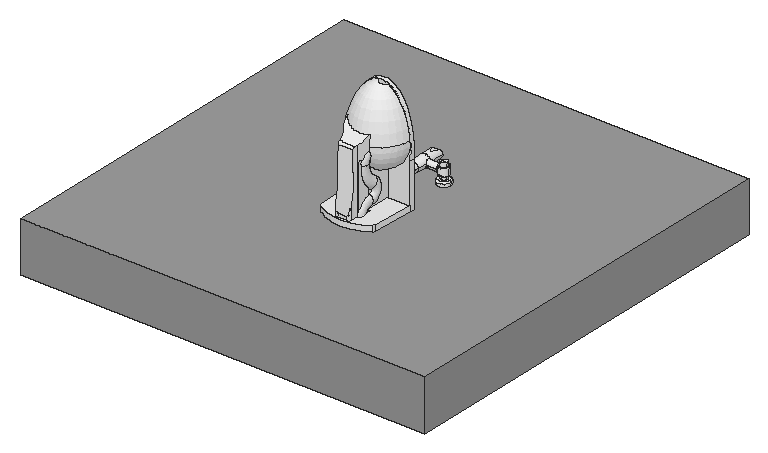
Revit family
Parameters (values of type "3351.528")
  Water Closet Material = Vitreous China
  Waste Connection = yes
  WFU = 0
  Vent Connection = yes
  URL = "http://www.americanstandard-us.com/"
  Revised Date = "23/09/2011"
  Product URL = "http://www.americanstandard-us.com/products/productDetail.aspx?id=1949"
  Phone # = "416-250-5656"
  Keynote = ""
  HWFU = 0
  HW Connection = no
  Model = "3351.528"
  Manufacturer = "American Standard"
  Designed By = "ATS BIM Team"
  Description = "AFWALL FloWise ELONGATED' Toilet, wall hung, vitreous china, EverClean antimicrobial surface which inhibits the growth of stain and odor causing bacteria, mold and mildew, elongated syphon jet flush action bowl, 2-1/8\" (54mm) fully glazed internal trapway, 10\" x 12\" (254mm x 305mm) large water surface, high efficiency 4.2 LPF (1.1 GPF) to low consumption 6 LPF (1.6 GPF), 1-1/2\" (38mm) top spud with condensate channel, for use with exposed flush valve. \r\n'SELECTRONIC' 'FloWise' Electronic 'No-Touch' Battery Flush Valve Unit, \r\nC.P. low consumption, 4.8 LPF (1.28 GPF) factory set flow, self cleaning piston operated flush valve with proximity operation and manual override, vacuum breaker, back-check angle stop, battery included, 11-1/2\" (292mm) rough-in."
  Default Elevation = 1' - 5"
  CWFU = 0
  CW Connection = yes
  Assembly Code = "D2010110"
Reference planes (in)
  plane 1 "Center (Front/Back)": y = 0
  plane 2: z = 0
  plane 3 "Center (Left/Right)": x = 0
  plane 4: z = 26
  plane 5: z = 2.875
  plane 6: x = -6.98522
  plane 7: x = 7.01478
  plane 8: y = -13.13242
  plane 9: x = 4.75
  plane 10: y = -7.57626
  plane 11: y = -7.76301
  plane 12: y = 1.07834
  plane 13: x = 0
  plane 14: y = -8.79528
  plane 15: y = 24.02612
Forms (in)
  Extrusion 1, solid, material "Default"
    sketch origin (0, 0, 0) x (1, 0, 0) y (0, 1, 0)
      loop
        line (-48, 48) -> (-48, -48) -> (48, -48) -> (48, 48) -> (-48, 48)
    from 0 to -12
  Extrusion 2, solid, material "Vitreous China" <- "Water Closet Material"
    sketch origin (0, 0, 0) x (1, 0, 0) y (0, 0, 1)
      loop
        line (-6.88976, 0) -> (6.88976, 0) -> (6.88976, 10.85821)
        spline (6.88976, 10.85821) -> (6.93169, 14.60628) -> (6.39718, 18.22077) -> (5.33067, 21.40109) -> (3.82086, 23.88278) -> (1.99331, 25.45946) -> (0, 26) -> (-1.99331, 25.45946) -> (-3.82086, 23.88278) -> (-5.33067, 21.40109) -> (-6.39718, 18.22077) -> (-6.93169, 14.60628) -> (-6.88976, 10.85821)
        line (-6.88976, 10.85821) -> (-6.88976, 0)
      loop
        spline (5.44379, 15.24924) -> (5.33666, 16.4704) -> (5.1494, 17.65823) -> (4.88481, 18.79494) -> (4.54683, 19.86343) -> (4.14058, 20.84769) -> (3.67214, 21.73298) -> (3.14851, 22.50594) -> (2.57759, 23.15504) -> (1.96792, 23.67054) -> (1.32865, 24.04464) -> (0.66938, 24.27179) -> (0, 24.34859)
        spline (0, 24.34859) -> (-0.66938, 24.27179) -> (-1.32865, 24.04464) -> (-1.96792, 23.67054) -> (-2.57759, 23.15504) -> (-3.14851, 22.50594) -> (-3.67214, 21.73298) -> (-4.14058, 20.84769) -> (-4.54683, 19.86343) -> (-4.88481, 18.79494) -> (-5.1494, 17.65823) -> (-5.33666, 16.4704) -> (-5.44379, 15.24924)
        arc (-5.44379, 15.24924) -> (-3.84934, 11.3999) -> (0, 9.80545) r 5.44379
        arc (0, 9.80545) -> (3.84934, 11.3999) -> (5.44379, 15.24924) r 5.44379
    from 0 to 1
  Extrusion 3, solid, material "Vitreous China" <- "Water Closet Material"
    sketch origin (0, 0, 0) x (1, 0, 0) y (0, 1, 0)
      loop
        arc (-3.27961, -7.87593) -> (-2.38204, -9.2512) -> (-1.8444, -10.80296) r 6.72786
        arc (-1.8444, -10.80296) -> (-1.76887, -11.44392) -> (-1.68148, -12.08336) r 34.8321
        arc (-1.68148, -12.08336) -> (-1.49089, -12.41689) -> (-1.11867, -12.51187) r 0.49218
        arc (-1.11867, -12.51187) -> (-0.0032, -12.50912) -> (1.11226, -12.51193) r 223.8213
        arc (1.11226, -12.51193) -> (1.55281, -12.36583) -> (1.82291, -11.98837) r 0.74969
        arc (1.82291, -11.98837) -> (1.76639, -11.1767) -> (1.8324, -10.36574) r 5.40264
        arc (1.8324, -10.36574) -> (2.04873, -8.74867) -> (2.28922, -7.13502) r 109.07987
        arc (2.28922, -7.13502) -> (-1.32339, -6.93238) -> (-4.4518, -5.11441) r 7.76355
        arc (-4.4518, -5.11441) -> (-4.07379, -6.5835) -> (-3.27961, -7.87593) r 5.08958
    from 1.32255 to 26
  Extrusion 4, solid, material "Vitreous China" <- "Water Closet Material"
    sketch origin (0.02956, 0, 0) x (1, 0, 0) y (0, 1, 0)
      loop
        arc (-6.95189, -1) -> (-6.6873, -5.81527) -> (-6.36166, -10.6268) r 380.19274
        arc (-6.36166, -10.6268) -> (-6.29968, -10.91673) -> (-6.14089, -11.1671) r 0.84059
        arc (-6.14089, -11.1671) -> (-0.02099, -13.13242) -> (6.0989, -11.1671) r 10.51118
        arc (6.0989, -11.1671) -> (6.26227, -10.8986) -> (6.3209, -10.58982) r 0.88026
        arc (6.3209, -10.58982) -> (6.64493, -5.79676) -> (6.90839, -1) r 380.19274
        line (6.90839, -1) -> (-6.95189, -1)
    from 0 to 1.32255
  Extrusion 5, void
    sketch origin (0, 0, 0) x (0, 1, 0) y (0, 0, 1)
      loop
        line (-0.9986, 26) -> (-14, 26) -> (-14, 0) -> (-13.49008, 0) -> (-13.43449, 1.06221)
        arc (-13.43449, 1.06221) -> (-13.33678, 1.27421) -> (-13.11996, 1.36071) r 0.31496
        line (-13.11996, 1.36071) -> (-12.71596, 1.36071)
        arc (-12.71596, 1.36071) -> (-12.62889, 1.43402) -> (-12.58544, 1.53923) r 0.23975
        arc (-12.58544, 1.53923) -> (-11.68258, 8.70249) -> (-11.41079, 15.91732) r 82.32817
        arc (-11.41079, 15.91732) -> (-11.20241, 16.28695) -> (-10.7781, 16.28857) r 0.42197
        arc (-10.7781, 16.28857) -> (-5.3491, 18.58639) -> (-0.9986, 22.56473) r 17.40462
        line (-0.9986, 22.56473) -> (-0.9986, 26)
    from -7.13873 to 7.13872
  Sweep 6, solid, material "Vitreous China" <- "Water Closet Material"
    path origin (0, 0.375, 0) x (0, 1, 0) y (0, 0, 1)
      loop
        arc (-9.5259, 0.6986) -> (-8.84361, 2.50212) -> (-7.02205, 3.13466) r 2.27587
        arc (-7.02205, 3.13466) -> (-5.10249, 4.36815) -> (-5.88295, 6.51222) r 1.82709
        arc (-5.88295, 6.51222) -> (-7.95126, 8.6913) -> (-8.63924, 11.61586) r 5.75372
        arc (-8.63924, 11.61586) -> (-8.1616, 12.84424) -> (-7.02076, 13.50421) r 1.98875
    profile origin (0, -7.57626, 8.6913) x (0, -0.879882, -0.475193) y (1, 0, 0)
      loop
        circle (0, -1.375) r 1.5
  Sweep 7, solid, material "Vitreous China" <- "Water Closet Material"
    path origin (-0.25, 0.375, 0) x (0, 1, 0) y (0, 0, -1)
      loop
        arc (-9.5259, -0.6986) -> (-8.84361, -2.50212) -> (-7.02205, -3.13466) r 2.27587
        arc (-7.02205, -3.13466) -> (-5.10249, -4.36815) -> (-5.88295, -6.51222) r 1.82709
        arc (-5.88295, -6.51222) -> (-7.95126, -8.6913) -> (-8.63924, -11.61586) r 5.75372
        arc (-8.63924, -11.61586) -> (-8.1616, -12.84424) -> (-7.02076, -13.50421) r 1.98875
    profile origin (-0.25, -7.57626, 8.6913) x (0, 0.879882, 0.475193) y (-1, 0, 0)
      loop
        circle (0, -1.25) r 1.5
  Extrusion 8, void
    sketch origin (0, 0, -0.20313) x (0, 1, 0) y (0, 0, -1)
      loop
        line (-13.64455, -1.52568) -> (-12.64177, -12.91366)
        arc (-12.64177, -12.91366) -> (-9.12871, -13.33006) -> (-5.61565, -12.91366) r 15.0276
        arc (-5.61565, -12.91366) -> (-6.72184, -11.86391) -> (-6.42001, -10.36907) r 1.5749
        arc (-6.42001, -10.36907) -> (-4.03023, -8.48586) -> (-1.09773, -7.67467) r 7.70456
        line (-1.09773, -7.67467) -> (-1.09773, -2.1651)
        arc (-1.09773, -2.1651) -> (-1.20333, -1.722) -> (-1.61436, -1.52568) r 0.52842
        line (-1.61436, -1.52568) -> (-13.64455, -1.52568)
    from 1.89533 to 6.98522
  Revolve 9, solid, material "Polished Chrome"
    sketch origin (0.22414, 11.5, 0) x (1, 0, 0) y (0, 0, 1)
      loop
        line (4.75, 0) -> (4.75, -0.25) -> (5.25, -0.25) -> (5.25, 0) -> (4.75, 0)
      axis (4.75, -0.25) -> (4.75, 0)
    angle from 0 to 360
  Extrusion 10, solid, material "Polished Chrome"
    sketch origin (0, -0.125, 0) x (1, 0, 0) y (0, 1, 0)
      loop
        circle (0, -8.67028) r 2
    from -0.25 to 0
  Revolve 11, solid, material "Vitreous China" <- "Water Closet Material"
    sketch origin (-24.99864, -1, 0) x (1, 0, 0) y (0, 0, 1)
      loop
        arc (30.44243, 15.24924) -> (28.84798, 11.3999) -> (24.99864, 9.80545) r 5.44379
        line (24.99864, 9.80545) -> (24.99864, 7.5187)
        arc (24.99864, 7.5187) -> (30.0408, 9.87213) -> (31.84897, 15.13449) r 7.11807
        spline (31.84897, 15.13449) -> (31.6531, 16.57282) -> (31.37011, 17.96199) -> (31.00359, 19.2845) -> (30.55814, 20.52368) -> (30.03939, 21.66389) -> (29.45388, 22.69076) -> (28.80899, 23.59135) -> (28.11285, 24.3543) -> (27.37423, 24.96999) -> (26.60245, 25.43066) -> (25.80725, 25.7305) -> (24.99864, 25.86573)
        line (24.99864, 25.86573) -> (24.99864, 24.34859)
        spline (24.99864, 24.34859) -> (25.66802, 24.27182) -> (26.32729, 24.04467) -> (26.96656, 23.67054) -> (27.57623, 23.15506) -> (28.14716, 22.50596) -> (28.67078, 21.73298) -> (29.13923, 20.84771) -> (29.54548, 19.86344) -> (29.88345, 18.79494) -> (30.14805, 17.65824) -> (30.33531, 16.4704) -> (30.44243, 15.24924)
      axis (24.99864, 7.5187) -> (24.99864, 25.86573)
    angle from 0 to -180
  Extrusion 12, void
    sketch origin (0, 0, -0.20313) x (0, 1, 0) y (0, 0, 1)
      loop
        line (-13.64371, 1.53525) -> (-1.61436, 1.53525)
        arc (-1.61436, 1.53525) -> (-1.20333, 1.73158) -> (-1.09773, 2.17467) r 0.52842
        line (-1.09773, 2.17467) -> (-1.09773, 7.67467)
        arc (-1.09773, 7.67467) -> (-5.29988, 9.35087) -> (-7.59211, 13.2513) r 6.98143
        arc (-7.59211, 13.2513) -> (-10.10189, 13.25339) -> (-12.57342, 13.68993) r 14.44296
        line (-12.57342, 13.68993) -> (-13.64371, 1.53525)
    from 1.89533 to 6.98522
  Extrusion 13, solid, material "Vitreous China" <- "Water Closet Material"
    sketch origin (-0.25, 0, 0) x (1, 0, 0) y (0, 1, 0)
      loop
        line (-1.3751, -1) -> (-1.3751, -11.45273) -> (1.83297, -11.45273) -> (1.83297, -1) -> (-1.3751, -1)
    from 0 to 9.84471
  Extrusion 14, void
    sketch origin (0, 0, 0) x (1, 0, 0) y (0, 0, 1)
      loop
        line (-1.22359, 10.48329) -> (-2.28688, 12.181)
        arc (-2.28688, 12.181) -> (-3.98546, 13.07197) -> (-5.5969, 12.03165) r 1.90301
        line (-5.5969, 12.03165) -> (-5.5969, 8.04113)
        arc (-5.5969, 8.04113) -> (-3.62648, 9.64943) -> (-1.22359, 10.48329) r 7.2933
    from 4.24505 to 8.79168
  Revolve 15, solid, material "Vitreous China" <- "Water Closet Material"
    sketch origin (0, 0, 0) x (0, 1, 0) y (0, 0, 1)
      loop
        line (1.07834, 2.875) -> (0, 2.875) -> (0, 1.70414) -> (0.57834, 1.70414) -> (0.57834, 1.875) -> (0.82834, 1.875) -> (0.82834, 2.125) -> (1.07834, 2.125) -> (1.07834, 2.875)
      axis (1.07834, 2.875) -> (0, 2.875)
    angle from 0 to 360
Cuts and joins
  Extrusion 5, Extrusion 14 cuts Extrusion 2
  joined: Extrusion 2, Revolve 15
  Extrusion 5, Extrusion 8, Extrusion 12, Extrusion 14 cuts Extrusion 3
  Extrusion 5, Extrusion 8 cuts Extrusion 4
  Extrusion 12 cuts Sweep 6
  Extrusion 8 cuts Sweep 7
  Extrusion 12 cuts Revolve 11
  joined: Extrusion 3, Extrusion 4, Sweep 6, Sweep 7, Revolve 11, Extrusion 13
Lines and regions (in)
  symbolic lines
    curve 1: line (6.88976, 0, 0) -> (-6.88976, 0, 0)
    curve 2: line (-6.88976, 0, 0) -> (-6.88976, 0, 13.7047)
    curve 3: line (6.88976, 0, 0) -> (6.88976, 0, 13.72472)
    curve 4: circle (0, 0, 2.875) r 0.625 normal (0, -1, 0)
    curve 5: circle (0, 0, 2.875) r 1.17086 normal (0, -1, 0)
    curve 6: line (3.57915, 0, 6.33801) -> (-3.57915, 0, 6.33801)
    curve 7: arc (-5.01653, 0, 15.04363) -> (0, 0, 9.81629) -> (5.01653, 0, 15.04363) r 5.02078
    curve 8: arc (5.01653, 0, 15.04363) -> (3.87167, 0, 19.72905) -> (1.00423, 0, 23.6074) r 12.22955
    curve 9: arc (-5.01653, 0, 15.04363) -> (-3.87167, 0, 19.72905) -> (-1.00423, 0, 23.6074) r 12.22955
    curve 10: arc (2.70022, 0, 24.9316) -> (1.41606, 0, 24.82812) -> (1.00423, 0, 23.6074) r 1.17095
    curve 11: arc (-1.00423, 0, 23.6074) -> (-1.41606, 0, 24.82812) -> (-2.70022, 0, 24.9316) r 1.17095
    curve 12: spline (6.99901, 0, 16.13137) -> (6.8322, 0, 17.10275) -> (6.62484, 0, 18.0478) -> (6.37817, 0, 18.96089) -> (6.09366, 0, 19.83659) -> (5.77299, 0, 20.6697) -> (5.41808, 0, 21.45526) -> (5.03103, 0, 22.1886) -> (4.61414, 0, 22.86536) -> (4.16991, 0, 23.48151) -> (3.70096, 0, 24.03339) -> (3.21009, 0, 24.51771) -> (2.70022, 0, 24.9316)
    curve 13: arc (7.02432, 0, 14.54349) -> (7.06404, 0, 15.33827) -> (6.99901, 0, 16.13137) r 6.04435
    curve 14: arc (-6.99901, 0, 16.13137) -> (-7.06404, 0, 15.33827) -> (-7.02432, 0, 14.54349) r 6.04435
    curve 15: spline (-7.02432, 0, 14.54349) -> (-6.88789, 0, 13.69432) -> (-6.7206, 0, 12.86373) -> (-6.52321, 0, 12.05545) -> (-6.2966, 0, 11.2731) -> (-6.04179, 0, 10.5202) -> (-5.75993, 0, 9.80013) -> (-5.45227, 0, 9.11612) -> (-5.12021, 0, 8.47124) -> (-4.76522, 0, 7.86838) -> (-4.38891, 0, 7.31026) -> (-3.99296, 0, 6.79937) -> (-3.57915, 0, 6.33801)
    curve 16: spline (3.57915, 0, 6.33801) -> (3.98965, 0, 6.79982) -> (4.38275, 0, 7.31085) -> (4.75671, 0, 7.86887) -> (5.10991, 0, 8.47143) -> (5.4408, 0, 9.11589) -> (5.74792, 0, 9.79943) -> (6.02994, 0, 10.51906) -> (6.28561, 0, 11.27163) -> (6.51382, 0, 12.05384) -> (6.71358, 0, 12.86226) -> (6.88399, 0, 13.69336) -> (7.02432, 0, 14.54349)
    curve 17: arc (2.70022, 0, 24.9316) -> (0, 0, 26) -> (-2.70022, 0, 24.9316) r 3.9464
    curve 18: arc (0.98519, 0, 24.11774) -> (0, 0, 24.34859) -> (-0.98519, 0, 24.11774) r 2.21759
    curve 19: arc (-2.70022, 0, 24.9316) -> (-5.86513, 0, 21.02755) -> (-6.99901, 0, 16.13137) r 11.17428
  model lines
    curve 20: line (-4.63976, 0, 0) -> (-4.63976, 0, -0.25)
Dimensions and locks (in)
  locked: plane 4 to plane 2 at 26
  locked: plane 5 to plane 2 at 2.875
  locked: Sweep 6 sketch curve to profile plane at 0
  locked: Sweep 6 sketch curve to plane 3 "Center (Left/Right)" at 1.375
  locked: Sweep 7 sketch curve to profile plane at 0
  plane 8 to plane 1 "Center (Front/Back)" = 1' - 1.13242"
  locked: plane 7 to plane 6 at 14
  locked: plane 3 "Center (Left/Right)" to plane 9 at 4.75
  locked: plane 8 to Extrusion 3 sketch curve at 0.6233
  locked: Extrusion 3 sketch curve to plane 3 "Center (Left/Right)" at 3.27961
  locked: Sweep 7 sketch curve to profile plane at 1.25
  locked: plane 8 to plane 10 at 5.55616
  locked: plane 8 to plane 11 at 5.36941
  Extrusion 10 to Extrusion 10 = 0' - 0 1/4"
  locked: cut or joined group 1 (Extrusion 3, Extrusion 4, Extrusion 5, Sweep 6, Sweep 7, Extrusion 8, Revolve 11, Extrusion 12, Extrusion 13, Extrusion 14) to plane 7 at 0.16445
  locked: plane 6 to cut or joined group 1 at 0.13488
  locked: plane 6 to cut or joined group of Extrusion 2, Extrusion 5, Extrusion 14, Revolve 15 at 0.09545
  locked: cut or joined group of Extrusion 2, Extrusion 5, Extrusion 14, Revolve 15 to plane 7 at 0.12502
  locked: plane 8 to Extrusion 5 sketch curve at 0.86758
  locked: Revolve 15 sketch curve to plane 5 at 0.75
  locked: plane 4 to Revolve 11 sketch curve at 0.13427
  locked: plane 13 to Revolve 11 sketch curve at 5.44379
  locked: plane 13 to Revolve 11 sketch curve at 6.85034
  locked: plane 5 to curve 4 at 0
  locked: plane 5 to curve 5 at 0
  locked: curve 5 to plane 3 "Center (Left/Right)" at 0
  locked: curve 4 to plane 3 "Center (Left/Right)" at 0
  locked: plane 2 to curve 8 at 14.54049
  locked: plane 3 "Center (Left/Right)" to curve 8 at 7.20266
  locked: curve 9 to plane 3 "Center (Left/Right)" at 7.20266
  locked: plane 2 to curve 9 at 14.54049
  locked: curve 17 to plane 4 at 3.9464
  locked: plane 3 "Center (Left/Right)" to curve 17 at 0
  locked: curve 18 to plane 4 at 3.869
  locked: plane 3 "Center (Left/Right)" to curve 18 at 0
  locked: curve 19 to plane 4 at 9.87704
  locked: curve 19 to plane 3 "Center (Left/Right)" at 4.17526
  locked: plane 2 to curve 2 at 13.7047
  locked: plane 2 to curve 3 at 13.72472
  Revolve 9 sketch curve to plane 9 = 0' - 0.72414"
  locked: plane 2 to Revolve 9 sketch curve at 0.25
  plane 2 to Extrusion 10 = 0' - 0 1/4"
  locked: plane 14 to Extrusion 10 sketch curve at 0
  locked: plane 14 to plane 1 "Center (Front/Back)" at 8.79528
  locked: Extrusion 10 sketch curve to plane 3 "Center (Left/Right)" at 0
  radius of Extrusion 3 sketch curve = 9' - 1.07987"
  radius of Extrusion 3 sketch curve = 0' - 5.40264"
  radius of Extrusion 3 sketch curve = 0' - 0.74969"
  radius of Extrusion 3 sketch curve = 0' - 0 63/128"
  radius of Extrusion 3 sketch curve = 2' - 10.8321"
  radius of Extrusion 3 sketch curve = 0' - 6.72786"
  locked: Extrusion 10 sketch curve to Extrusion 10 sketch curve (radius 0' - 2")
  radius of Extrusion 5 sketch curve = 1' - 5.40462"
  radius of Extrusion 5 sketch curve = 6' - 10.32817"
  radius of curve 8 = 1' - 0.22955"
  radius of curve 9 = 1' - 0.22955"
  radius of curve 18 = 0' - 2.21759"
  radius of curve 17 = 0' - 3.9464"
  radius of curve 19 = 0' - 11.17428"
  aligned and locked: plane 2 to Extrusion 1
  aligned and locked: level to Extrusion 1
  aligned and locked: plane 4 to Extrusion 3
  aligned and locked: Extrusion 8 to plane 6
  aligned and locked: Extrusion 5 sketch curve to plane 4
  aligned and locked: cut or joined group of Extrusion 2, Extrusion 5, Extrusion 14, Revolve 15 to plane 1 "Center (Front/Back)"
  aligned and locked: Extrusion 13 to cut or joined group of Extrusion 2, Extrusion 5, Extrusion 14, Revolve 15
  aligned and locked: Extrusion 4 sketch curve to cut or joined group 1
  aligned and locked: cut or joined group 1 to cut or joined group of Extrusion 2, Extrusion 5, Extrusion 14, Revolve 15  (x2)
  aligned and locked: curve 2 to cut or joined group of Extrusion 2, Extrusion 5, Extrusion 14, Revolve 15
  aligned and locked: curve 3 to cut or joined group of Extrusion 2, Extrusion 5, Extrusion 14, Revolve 15
  aligned and locked: plane 12 to Revolve 15 sketch curve
  aligned and locked: plane 1 "Center (Front/Back)" to Revolve 15 sketch curve
  aligned and locked: Revolve 15 sketch curve to plane 5
  aligned: plane 9 to Revolve 9 sketch curve
  aligned and locked: Revolve 9 sketch curve to plane 2
  aligned and locked: level to Extrusion 10
Automatic sketch dimensions
  curve 20 to level = 0' - 0"
  curve 7 to plane 3 "Center (Left/Right)" = 0' - 0"
  curve 14 to plane 6 = 0' - 0.0391"
  curve 19 to plane 6 = 0' - 0.01379"
  plane 6 to curve 7 = 0' - 1.96869"
  curve 9 to curve 7 = 0' - 0"
  curve 20 to level = 0' - 0 1/4"
  curve 2 to curve 20 = 0' - 2 1/4"
  plane 6 to curve 15 = 0' - 3.40606"
  curve 17 to curve 18 = 0' - 2.70022"
  curve 17 to curve 11 = 0' - 0.56353"
  curve 14 to plane 3 "Center (Left/Right)" = 0' - 1.02046"
  curve 11 to plane 3 "Center (Left/Right)" = 0' - 1.00423"
  curve 15 to plane 3 "Center (Left/Right)" = 0' - 0.01484"
  plane 3 "Center (Left/Right)" to curve 16 = 0' - 0.01484"
  plane 3 "Center (Left/Right)" to curve 12 = 0' - 0.01484"
  plane 3 "Center (Left/Right)" to curve 18 = 0' - 0.98519"
  curve 18 to curve 8 = 0' - 0.01904"
  plane 3 "Center (Left/Right)" to curve 13 = 0' - 1.02046"
  curve 8 to curve 10 = 0' - 1.13246"
  curve 16 to plane 9 = 0' - 1.17085"
  curve 13 to plane 7 = 0' - 0.01577"
  plane 7 to curve 13 = 0' - 0.00954"
  curve 12 to level = 0' - 0.52443"
  curve 6 to plane 5 = 0' - 3.46301"
  curve 12 to curve 7 = 0' - 2.16228"
  curve 8 to curve 15 = 0' - 0.003"
  curve 9 to curve 16 = 0' - 0.003"
  Extrusion 1 sketch curve to Extrusion 1 sketch curve = 8' - 0"  (x2)
  Extrusion 2 sketch curve to Extrusion 2 sketch curve = 0' - 0"  (x2)
  Extrusion 2 sketch curve to level = 0' - 0"  (x2)
  Extrusion 2 sketch curve to plane 3 "Center (Left/Right)" = 0' - 0"  (x3)
  plane 6 to Extrusion 2 sketch curve = 0' - 1.54142"
  plane 6 to Extrusion 2 sketch curve = 0' - 0.09545"
  plane 3 "Center (Left/Right)" to Extrusion 2 sketch curve = 0' - 6.88976"
  Extrusion 2 sketch curve to plane 5 = 0' - 6.93045"
  Extrusion 2 sketch curve to Extrusion 2 sketch curve = 0' - 4.39103"
  Extrusion 2 sketch curve to Extrusion 2 sketch curve = 0' - 2.24924"
  Extrusion 2 sketch curve to plane 4 = 0' - 1.65141"
  plane 15 to Extrusion 4 sketch curve = 0' - 6.57519"  (x2)
  Extrusion 4 sketch curve to plane 6 = 30' - 5.8216"
  plane 6 to Extrusion 4 sketch curve = 0' - 0.06289"
  plane 6 to Extrusion 4 sketch curve = 0' - 0.65312"
  Extrusion 4 sketch curve to Extrusion 4 sketch curve = 0' - 0.22077"
  Extrusion 4 sketch curve to Extrusion 4 sketch curve = 0' - 0.61935"
  plane 3 "Center (Left/Right)" to Extrusion 4 sketch curve = 0' - 0.00857"
  plane 9 to Extrusion 4 sketch curve = 0' - 0.72023"
  Extrusion 4 sketch curve to Extrusion 4 sketch curve = 0' - 0.65823"
  Extrusion 4 sketch curve to Extrusion 4 sketch curve = 0' - 0.22199"
  plane 3 "Center (Left/Right)" to Extrusion 4 sketch curve = 0' - 6.93795"
  plane 7 to Extrusion 4 sketch curve = 30' - 5.80766"
  Extrusion 4 sketch curve to Extrusion 4 sketch curve = 0' - 0.57729"
  plane 1 "Center (Front/Back)" to Extrusion 4 sketch curve = 0' - 2.62124"
  Extrusion 5 sketch curve to level = 0' - 0"
  plane 8 to Extrusion 5 sketch curve = 0' - 1.61705"
  Extrusion 5 sketch curve to plane 4 = 0' - 10.59389"
  Extrusion 5 sketch curve to Extrusion 5 sketch curve = 6' - 7.73738"
  plane 8 to Extrusion 5 sketch curve = 0' - 0.35766"
  plane 8 to Extrusion 5 sketch curve = 0' - 0.30207"
  Extrusion 5 sketch curve to plane 8 = 0' - 0.01246"
  Extrusion 5 sketch curve to plane 8 = 0' - 0.31"
  Extrusion 5 sketch curve to Extrusion 5 sketch curve = 0' - 0.10646"
  Extrusion 5 sketch curve to Extrusion 5 sketch curve = 0' - 0.13052"
  Extrusion 5 sketch curve to plane 8 = 0' - 1.72163"
  Extrusion 5 sketch curve to Extrusion 5 sketch curve = 0' - 0.42193"
  Extrusion 5 sketch curve to Extrusion 5 sketch curve = 0' - 0.21076"
  plane 1 "Center (Front/Back)" to Extrusion 5 sketch curve = 0' - 0.9986"
  Extrusion 5 sketch curve to Extrusion 5 sketch curve = 0' - 0.49347"
  Extrusion 5 sketch curve to Extrusion 5 sketch curve = 0' - 0.01646"
  Extrusion 5 sketch curve to Extrusion 5 sketch curve = 0' - 0.00569"
  level to Sweep 6 sketch curve = 0' - 0.6986"
  Sweep 6 sketch curve to plane 8 = 0' - 3.98152"
  Sweep 6 sketch curve to plane 8 = 0' - 4.86818"
  Sweep 6 sketch curve to Sweep 6 sketch curve = 0' - 0"  (x2)
  level to Sweep 6 sketch curve = 0' - 0.87091"
  Sweep 6 sketch curve to Sweep 6 sketch curve = 0' - 2.26934"
  Sweep 6 sketch curve to plane 5 = 0' - 0.25966"
  Sweep 6 sketch curve to Sweep 6 sketch curve = 0' - 0.23451"
  Sweep 6 sketch curve to Sweep 6 sketch curve = 0' - 1.61848"
  Sweep 6 sketch curve to Sweep 6 sketch curve = 0' - 0.18827"
  Sweep 6 sketch curve to Sweep 6 sketch curve = 0' - 1.98766"
  Sweep 6 sketch curve to Sweep 6 sketch curve = 0' - 0.95083"
  Sweep 6 sketch curve to Sweep 6 sketch curve = 0' - 3.76291"
  level to Sweep 7 sketch curve = 0' - 0.6986"
  Sweep 7 sketch curve to plane 8 = 0' - 3.98152"
  Sweep 7 sketch curve to plane 8 = 0' - 4.86818"
  Sweep 7 sketch curve to Sweep 7 sketch curve = 0' - 0"  (x2)
  level to Sweep 7 sketch curve = 0' - 0.87091"
  Sweep 7 sketch curve to Sweep 7 sketch curve = 0' - 2.26934"
  Sweep 7 sketch curve to plane 5 = 0' - 0.25966"
  Sweep 7 sketch curve to Sweep 7 sketch curve = 0' - 0.23451"
  Sweep 7 sketch curve to Sweep 7 sketch curve = 0' - 1.61848"
  Sweep 7 sketch curve to Sweep 7 sketch curve = 0' - 0.18827"
  Sweep 7 sketch curve to Sweep 7 sketch curve = 0' - 1.98766"
  Sweep 7 sketch curve to Sweep 7 sketch curve = 0' - 0.95083"
  Sweep 7 sketch curve to Sweep 7 sketch curve = 0' - 3.76291"
  plane 8 to Extrusion 8 sketch curve = 0' - 0.51213"
  Extrusion 8 sketch curve to plane 8 = 0' - 0.49065"
  Extrusion 8 sketch curve to level = 0' - 1.90066"
  Extrusion 8 sketch curve to plane 8 = 0' - 4.00371"
  plane 1 "Center (Front/Back)" to Extrusion 8 sketch curve = 0' - 6.42001"
  Extrusion 8 sketch curve to Extrusion 8 sketch curve = 0' - 0"
  Extrusion 8 sketch curve to Extrusion 8 sketch curve = 0' - 0.80436"
  Extrusion 8 sketch curve to Extrusion 8 sketch curve = 0' - 0.39547"
  plane 1 "Center (Front/Back)" to Extrusion 8 sketch curve = 0' - 1.61436"
  plane 1 "Center (Front/Back)" to Extrusion 8 sketch curve = 0' - 1.09773"
  plane 1 "Center (Front/Back)" to Extrusion 8 sketch curve = 0' - 0.55032"
  level to Extrusion 8 sketch curve = 0' - 1.32255"
  Extrusion 8 sketch curve to Extrusion 8 sketch curve = 0' - 0.52842"
  Extrusion 8 sketch curve to plane 5 = 0' - 4.59655"
  Extrusion 8 sketch curve to Extrusion 8 sketch curve = 0' - 2.6944"
  plane 9 to Revolve 9 sketch curve = 0' - 0.22414"  (x2)
  Revolve 9 sketch curve to Revolve 9 sketch curve = 0' - 0 1/2"
  plane 5 to Revolve 9 sketch curve = 0' - 0 3/8"
  Revolve 11 sketch curve to plane 3 "Center (Left/Right)" = 0' - 0"  (x3)
  Revolve 11 sketch curve to plane 3 "Center (Left/Right)" = 0' - 0.00447"
  Revolve 11 sketch curve to plane 3 "Center (Left/Right)" = 0' - 0 1/4"
  Revolve 11 sketch curve to plane 3 "Center (Left/Right)" = 0' - 0.25447"
  Revolve 11 sketch curve to Revolve 11 sketch curve = 0' - 1.51713"
  Revolve 11 sketch curve to Revolve 11 sketch curve = 0' - 9.09935"
  Revolve 11 sketch curve to Revolve 11 sketch curve = 0' - 0.11475"
  Revolve 11 sketch curve to Revolve 11 sketch curve = 0' - 0.61687"
  Revolve 11 sketch curve to Revolve 11 sketch curve = 0' - 0.38252"
  Revolve 11 sketch curve to Revolve 11 sketch curve = 0' - 1.57519"
  plane 4 to Revolve 11 sketch curve = 0' - 5"
  Revolve 11 sketch curve to Revolve 11 sketch curve = 1' - 0"
  plane 8 to Extrusion 12 sketch curve = 0' - 0.51129"
  Extrusion 12 sketch curve to plane 8 = 0' - 0.559"
  plane 4 to Extrusion 12 sketch curve = 0' - 1.43755"
  Extrusion 12 sketch curve to plane 8 = 0' - 4.29741"
  Extrusion 12 sketch curve to Extrusion 12 sketch curve = 0' - 4.98131"
  plane 1 "Center (Front/Back)" to Extrusion 12 sketch curve = 0' - 1.61436"
  plane 1 "Center (Front/Back)" to Extrusion 12 sketch curve = 0' - 1.09773"
  plane 1 "Center (Front/Back)" to Extrusion 12 sketch curve = 0' - 0.75172"
  Extrusion 12 sketch curve to plane 4 = 0' - 11.5556"
  Extrusion 12 sketch curve to plane 5 = 0' - 10.6118"
  plane 5 to Extrusion 12 sketch curve = 0' - 0.90345"
  Extrusion 12 sketch curve to Extrusion 12 sketch curve = 0' - 0.111"
  Extrusion 13 sketch curve to plane 3 "Center (Left/Right)" = 0' - 1.6251"
  plane 3 "Center (Left/Right)" to Extrusion 13 sketch curve = 0' - 1.58297"
  Extrusion 13 sketch curve to plane 8 = 0' - 1 87/128"
  plane 1 "Center (Front/Back)" to Extrusion 13 sketch curve = 0' - 1"
  plane 6 to Extrusion 14 sketch curve = 0' - 1.38832"
  Extrusion 14 sketch curve to Extrusion 14 sketch curve = 0' - 1.69722"
  Extrusion 14 sketch curve to Extrusion 14 sketch curve = 0' - 1.6128"
  Extrusion 14 sketch curve to plane 3 "Center (Left/Right)" = 0' - 1.22359"
  Extrusion 14 sketch curve to plane 3 "Center (Left/Right)" = 0' - 0.07058"
  Extrusion 14 sketch curve to plane 5 = 0' - 0.40671"
  Extrusion 14 sketch curve to plane 5 = 0' - 5.16613"
  Extrusion 14 sketch curve to Extrusion 14 sketch curve = 0' - 0.6876"
  Extrusion 14 sketch curve to Extrusion 14 sketch curve = 0' - 0.86076"
  plane 5 to Revolve 15 sketch curve = 0' - 0"
  plane 1 "Center (Front/Back)" to Revolve 15 sketch curve = 0' - 0.42166"
  plane 12 to Revolve 15 sketch curve = 0' - 0 1/2"
  plane 12 to Revolve 15 sketch curve = 0' - 0 1/4"
  Revolve 15 sketch curve to plane 12 = 0' - 0 3/4"
  Revolve 15 sketch curve to Revolve 15 sketch curve = 0' - 0 1/4"
  Revolve 15 sketch curve to Revolve 15 sketch curve = 0' - 0.17086"
  plane 6 to Extrusion 3 sketch curve = 0' - 2.53342"
  Extrusion 3 sketch curve to plane 8 = 0' - 0.91926"
  Extrusion 3 sketch curve to Extrusion 3 sketch curve = 0' - 5.1432"
  Extrusion 3 sketch curve to plane 3 "Center (Left/Right)" = 0' - 1.8444"
  Extrusion 3 sketch curve to plane 8 = 0' - 1.04906"
  Extrusion 3 sketch curve to Extrusion 3 sketch curve = 0' - 0.16292"
  Extrusion 3 sketch curve to Extrusion 3 sketch curve = 0' - 0.48874"
  Extrusion 3 sketch curve to Extrusion 3 sketch curve = 0' - 0.07407"
  Extrusion 3 sketch curve to plane 3 "Center (Left/Right)" = 0' - 0.0093"
  plane 3 "Center (Left/Right)" to Extrusion 3 sketch curve = 0' - 0.6112"
  plane 3 "Center (Left/Right)" to Extrusion 3 sketch curve = 0' - 0.90573"
  plane 3 "Center (Left/Right)" to Extrusion 3 sketch curve = 0' - 1.10814"
  Extrusion 3 sketch curve to plane 8 = 0' - 0.62049"
  Extrusion 3 sketch curve to Extrusion 3 sketch curve = 0' - 0.71477"
  Extrusion 3 sketch curve to Extrusion 3 sketch curve = 0' - 0.72426"
  plane 7 to Extrusion 3 sketch curve = 0' - 0.15415"
  plane 1 "Center (Front/Back)" to Extrusion 3 sketch curve = 2' - 0.02059"
  Extrusion 3 sketch curve to Extrusion 3 sketch curve = 0' - 1.67802"
  Extrusion 3 sketch curve to Extrusion 3 sketch curve = 0' - 0"
  radius of Sweep 6 sketch curve = 0' - 1 1/2"
  radius of Sweep 7 sketch curve = 0' - 1 1/2"
  radius of curve 4 = 0' - 0 5/8"
  radius of curve 5 = 0' - 1.17086"
Nested families (in)
  nested 1: "6065.121.002" at (0, 0, -0.00122), type "6065.121.002"
    with Remarks "Recommended Operating Pressure 20 psi - 125 psi", Mounting "Floor-Mount or Wall-Hung 1-1/2\" Top Spud Bowls (Left Hand or Right Hand)", Fixture Type "Flush Valve", ADA Compliant yes
Connectors (in)
  piping at (4.97414, 11.5, 0), driven by "CWFU"
    settings: on Revolve 9, index 2
  piping at (0, -8.79528, 0), driven by "WFU"
    settings: on Extrusion 10, index 3
Definition of nested family "6065.121.002"
  Parameters (values of type "6065.121.002")
    Waste Connection = no
    Voltage = 6 V
    US Listed Price = 525
    URL = "www.americanstandard-us.com"
    Type Comments = "Factory Installed 6V Lithium Battery Included"
    Remarks [instance] = "Recommended Operating Pressure 20 psi - 125 psi"
    Product URL = "http://www.americanstandard-us.com/products/productDetail.aspx?id=2031"
    Outlet Radius = 3/4"
    Outlet Diameter = 1 1/2"
    Nominal Width = 0' - 7"
    Nominal Height = 1' - 4 1/8"
    Nominal Depth = 0' - 4 1/4"
    Mounting [instance] = "Floor-Mount or Wall-Hung 1-1/2\" Top Spud Bowls (Left Hand or Right Hand)"
    Model = "6065.121"
    Material = Polished Chrome
    Manufacturer = "American Standard"
    Keynote = "Selectronic Exposed Toilet Flush Valve 4.8 LPF (1.28 GPF)."
    Inlet Radius = 1/2"
    Inlet Diameter = 1"
    HW Connection = no
    Flow Rate Range = 25.00 psi
    Fixture Type [instance] = "Flush Valve"
    Description = "'SELECTRONIC' 'FloWise™' Electronic 'No-Touch' Battery Flush Valve Unit, \r\nC.P. low consumption, 4.8 LPF (1.28 GPF) factory set flow, self cleaning piston operated flush valve with proximity operation and manual override, vacuum breaker, back-check angle stop, battery included, 11-1/2\" (292mm) rough-in.  "
    Default Elevation = 4' - 0"
    Cost = 0
    CAN Listed Price = 0
    Assembly Code = ""
    ADA Compliant [instance] = yes
  Reference planes (in)
    plane 1 "Center (Front/Back)": y = 0
    plane 2: z = 0
    plane 3 "Center (Left/Right)": x = 0
    plane 4: y = 15.97824
    plane 5: z = 11.5
  Forms (in)
    Revolve 1, solid, material "Polished Chrome"
      sketch origin (0, 0, 2.87622) x (1, 0, 0) y (0, 1, 0)
        loop
          line (0, 0) -> (1.5, 0) -> (1.28841, 1.2) -> (0.74326, 1.2) -> (0.74326, 7.624) -> (1.08336, 7.624) -> (1.08336, 8.64034)
          arc (1.08336, 8.64034) -> (1.29251, 10.32507) -> (1.38297, 12.02032) r 24.18626
          arc (1.38297, 12.02032) -> (1.34137, 14.00395) -> (1.14466, 15.97824) r 25.33207
          line (1.14466, 15.97824) -> (0, 15.97824) -> (0, 0)
        axis (0, 0) -> (0, 15.97824)
      angle from 0 to 360
    Revolve 2, solid, material "Polished Chrome"
      sketch origin (0, 0.29347, 2.87622) x (1, 0, 0) y (0, 1, 0)
        loop
          line (3.9335, 11.2) -> (3.9335, 12.01683) -> (1.07481, 12.01683) -> (1.07481, 11.2) -> (3.9335, 11.2)
        axis (1.07481, 11.2) -> (3.9335, 11.2)
      angle from 0 to 360
    Revolve 3, solid, material "Polished Chrome"
      sketch origin (0, 0, 2.87622) x (1, 0, 0) y (0, 1, 0)
        loop
          line (-1.2025, 9.6) -> (-1.2025, 9.92927) -> (-1.41664, 9.92927) -> (-1.41664, 10.08) -> (-2.01664, 10) -> (-2.01664, 9.6) -> (-1.2025, 9.6)
        axis (-1.2025, 9.6) -> (-2.01664, 9.6)
      angle from 0 to 360
    Revolve 4, solid, material "Polished Chrome"
      sketch origin (0, 11.5, 2.87622) x (1, 0, 0) y (0, 0, 1)
        loop
          line (4.97414, -2.87622) -> (4.97414, 1.76) -> (4.24465, 1.76) -> (4.24465, 0.9) -> (3.89259, 0.9) -> (3.8166, 0.79816) -> (3.8166, -0.79998) -> (3.89259, -0.9) -> (4.24519, -0.9) -> (4.24519, -1.70394)
          arc (4.24519, -1.70394) -> (4.25478, -1.74283) -> (4.29097, -1.76) r 0.04673
          line (4.29097, -1.76) -> (4.34914, -1.76) -> (4.34914, -1.88057)
          arc (4.34914, -1.88057) -> (4.00643, -1.90579) -> (3.67004, -1.97601) r 2.59952
          arc (3.67004, -1.97601) -> (3.49956, -2.09228) -> (3.41688, -2.28136) r 0.37337
          line (3.41688, -2.28136) -> (3.41688, -2.87622) -> (4.97414, -2.87622)
        axis (4.97414, -2.87622) -> (4.97414, 1.76)
      angle from 0 to 360
    Extrusion 5, void
      sketch origin (0, 0, 2.87622) x (0, -1, 0) y (0, 0, 1)
        loop
          line (-15.97824, -1.14466) -> (-15.57742, 0.91742) -> (-13.25128, 1.38324)
          arc (-13.25128, 1.38324) -> (-14.61713, 1.29109) -> (-15.97824, 1.14466) r 34.39442
          line (-15.97824, 1.14466) -> (-15.97824, -1.14466)
      from -1.65638 to 1.76664
  Cuts and joins
    Extrusion 5 cuts Revolve 1
    Extrusion 5 cuts Revolve 2
    Extrusion 5 cuts Revolve 3
    Extrusion 5 cuts Revolve 4
    joined: Revolve 1, Revolve 2, Revolve 3, Revolve 4
  Dimensions and locks (in)
    plane 5 to level = 0' - 11 1/2"
